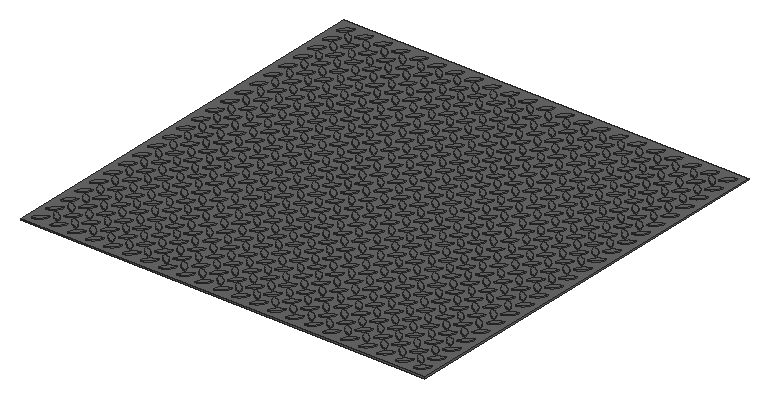
Revit family "141012021113804", category Modelos genéricos, Revit 2018 (continued)
Automatic sketch dimensions
  Blend 166 sketch curve to Blend 166 sketch curve = 0.855 mm  (x2)
  Blend 166 sketch curve to Blend 166 sketch curve = 0.00 mm  (x6)
  Blend 167 sketch curve to Blend 167 sketch curve = 23.647 mm  (x6)
  Blend 167 sketch curve to Blend 167 sketch curve = 16.459 mm  (x6)
  Blend 167 sketch curve to Blend 167 sketch curve = 0.855 mm  (x2)
  Blend 167 sketch curve to Blend 167 sketch curve = 0.00 mm  (x6)
  Blend 168 sketch curve to Blend 168 sketch curve = 23.647 mm  (x6)
  Blend 168 sketch curve to Blend 168 sketch curve = 16.459 mm  (x6)
  Blend 168 sketch curve to Blend 168 sketch curve = 0.855 mm  (x2)
  Blend 168 sketch curve to Blend 168 sketch curve = 0.00 mm  (x6)
  Blend 169 sketch curve to Blend 169 sketch curve = 23.647 mm  (x6)
  Blend 169 sketch curve to Blend 169 sketch curve = 16.459 mm  (x6)
  Blend 169 sketch curve to Blend 169 sketch curve = 0.855 mm  (x2)
  Blend 169 sketch curve to Blend 169 sketch curve = 0.00 mm  (x6)
  Blend 170 sketch curve to Blend 170 sketch curve = 23.647 mm  (x6)
  Blend 170 sketch curve to Blend 170 sketch curve = 16.459 mm  (x6)
  Blend 170 sketch curve to Blend 170 sketch curve = 0.855 mm  (x2)
  Blend 170 sketch curve to Blend 170 sketch curve = 0.00 mm  (x6)
  Blend 171 sketch curve to Blend 171 sketch curve = 23.647 mm  (x6)
  Blend 171 sketch curve to Blend 171 sketch curve = 16.459 mm  (x6)
  Blend 171 sketch curve to Blend 171 sketch curve = 0.855 mm  (x2)
  Blend 171 sketch curve to Blend 171 sketch curve = 0.00 mm  (x6)
  Blend 172 sketch curve to Blend 172 sketch curve = 23.647 mm  (x6)
  Blend 172 sketch curve to Blend 172 sketch curve = 16.459 mm  (x6)
  Blend 172 sketch curve to Blend 172 sketch curve = 0.855 mm  (x2)
  Blend 172 sketch curve to Blend 172 sketch curve = 0.00 mm  (x6)
  Blend 173 sketch curve to Blend 173 sketch curve = 23.647 mm  (x6)
  Blend 173 sketch curve to Blend 173 sketch curve = 16.459 mm  (x6)
  Blend 173 sketch curve to Blend 173 sketch curve = 0.855 mm  (x2)
  Blend 173 sketch curve to Blend 173 sketch curve = 0.00 mm  (x6)
  Blend 174 sketch curve to Blend 174 sketch curve = 23.647 mm  (x6)
  Blend 174 sketch curve to Blend 174 sketch curve = 16.459 mm  (x6)
  Blend 174 sketch curve to Blend 174 sketch curve = 0.855 mm  (x2)
  Blend 174 sketch curve to Blend 174 sketch curve = 0.00 mm  (x6)
  Blend 175 sketch curve to Blend 175 sketch curve = 23.647 mm  (x6)
  Blend 175 sketch curve to Blend 175 sketch curve = 16.459 mm  (x6)
  Blend 175 sketch curve to Blend 175 sketch curve = 0.855 mm  (x2)
  Blend 175 sketch curve to Blend 175 sketch curve = 0.00 mm  (x6)
  Blend 176 sketch curve to Blend 176 sketch curve = 23.647 mm  (x6)
  Blend 176 sketch curve to Blend 176 sketch curve = 16.459 mm  (x6)
  Blend 176 sketch curve to Blend 176 sketch curve = 0.855 mm  (x2)
  Blend 176 sketch curve to Blend 176 sketch curve = 0.00 mm  (x6)
  Blend 177 sketch curve to Blend 177 sketch curve = 23.647 mm  (x6)
  Blend 177 sketch curve to Blend 177 sketch curve = 16.459 mm  (x6)
  Blend 177 sketch curve to Blend 177 sketch curve = 0.855 mm  (x2)
  Blend 177 sketch curve to Blend 177 sketch curve = 0.00 mm  (x6)
  Blend 178 sketch curve to Blend 178 sketch curve = 23.647 mm  (x6)
  Blend 178 sketch curve to Blend 178 sketch curve = 16.459 mm  (x6)
  Blend 178 sketch curve to Blend 178 sketch curve = 0.855 mm  (x2)
  Blend 178 sketch curve to Blend 178 sketch curve = 0.00 mm  (x6)
  Blend 179 sketch curve to Blend 179 sketch curve = 23.647 mm  (x6)
  Blend 179 sketch curve to Blend 179 sketch curve = 16.459 mm  (x6)
  Blend 179 sketch curve to Blend 179 sketch curve = 0.855 mm  (x2)
  Blend 179 sketch curve to Blend 179 sketch curve = 0.00 mm  (x6)
  Blend 180 sketch curve to Blend 180 sketch curve = 23.647 mm  (x6)
  Blend 180 sketch curve to Blend 180 sketch curve = 16.459 mm  (x6)
  Blend 180 sketch curve to Blend 180 sketch curve = 0.855 mm  (x2)
  Blend 180 sketch curve to Blend 180 sketch curve = 0.00 mm  (x6)
  Blend 181 sketch curve to Blend 181 sketch curve = 23.647 mm  (x6)
  Blend 181 sketch curve to Blend 181 sketch curve = 16.459 mm  (x6)
  Blend 181 sketch curve to Blend 181 sketch curve = 0.855 mm  (x2)
  Blend 181 sketch curve to Blend 181 sketch curve = 0.00 mm  (x6)
  Blend 182 sketch curve to Blend 182 sketch curve = 23.647 mm  (x6)
  Blend 182 sketch curve to Blend 182 sketch curve = 16.459 mm  (x6)
  Blend 182 sketch curve to Blend 182 sketch curve = 0.855 mm  (x2)
  Blend 182 sketch curve to Blend 182 sketch curve = 0.00 mm  (x6)
  Blend 183 sketch curve to Blend 183 sketch curve = 23.647 mm  (x6)
  Blend 183 sketch curve to Blend 183 sketch curve = 16.459 mm  (x6)
  Blend 183 sketch curve to Blend 183 sketch curve = 0.855 mm  (x2)
  Blend 183 sketch curve to Blend 183 sketch curve = 0.00 mm  (x6)
  Blend 184 sketch curve to Blend 184 sketch curve = 23.647 mm  (x6)
  Blend 184 sketch curve to Blend 184 sketch curve = 16.459 mm  (x6)
  Blend 184 sketch curve to Blend 184 sketch curve = 0.855 mm  (x2)
  Blend 184 sketch curve to Blend 184 sketch curve = 0.00 mm  (x6)
  Blend 185 sketch curve to Blend 185 sketch curve = 23.647 mm  (x6)
  Blend 185 sketch curve to Blend 185 sketch curve = 16.459 mm  (x6)
  Blend 185 sketch curve to Blend 185 sketch curve = 0.855 mm  (x2)
  Blend 185 sketch curve to Blend 185 sketch curve = 0.00 mm  (x6)
  Blend 186 sketch curve to Blend 186 sketch curve = 23.647 mm  (x6)
  Blend 186 sketch curve to Blend 186 sketch curve = 16.459 mm  (x6)
  Blend 186 sketch curve to Blend 186 sketch curve = 0.855 mm  (x2)
  Blend 186 sketch curve to Blend 186 sketch curve = 0.00 mm  (x6)
  Blend 187 sketch curve to Blend 187 sketch curve = 23.647 mm  (x6)
  Blend 187 sketch curve to Blend 187 sketch curve = 16.459 mm  (x6)
  Blend 187 sketch curve to Blend 187 sketch curve = 0.855 mm  (x2)
  Blend 187 sketch curve to Blend 187 sketch curve = 0.00 mm  (x6)
  Blend 188 sketch curve to Blend 188 sketch curve = 23.647 mm  (x6)
  Blend 188 sketch curve to Blend 188 sketch curve = 16.459 mm  (x6)
  Blend 188 sketch curve to Blend 188 sketch curve = 0.855 mm  (x2)
  Blend 188 sketch curve to Blend 188 sketch curve = 0.00 mm  (x6)
  Blend 189 sketch curve to Blend 189 sketch curve = 23.647 mm  (x6)
  Blend 189 sketch curve to Blend 189 sketch curve = 16.459 mm  (x6)
  Blend 189 sketch curve to Blend 189 sketch curve = 0.855 mm  (x2)
  Blend 189 sketch curve to Blend 189 sketch curve = 0.00 mm  (x6)
  Blend 190 sketch curve to Blend 190 sketch curve = 23.647 mm  (x6)
  Blend 190 sketch curve to Blend 190 sketch curve = 16.459 mm  (x6)
  Blend 190 sketch curve to Blend 190 sketch curve = 0.855 mm  (x2)
  Blend 190 sketch curve to Blend 190 sketch curve = 0.00 mm  (x6)
  Blend 191 sketch curve to Blend 191 sketch curve = 23.647 mm  (x6)
  Blend 191 sketch curve to Blend 191 sketch curve = 16.459 mm  (x6)
  Blend 191 sketch curve to Blend 191 sketch curve = 0.855 mm  (x2)
  Blend 191 sketch curve to Blend 191 sketch curve = 0.00 mm  (x6)
  Blend 192 sketch curve to Blend 192 sketch curve = 23.647 mm  (x6)
  Blend 192 sketch curve to Blend 192 sketch curve = 16.459 mm  (x6)
  Blend 192 sketch curve to Blend 192 sketch curve = 0.855 mm  (x2)
  Blend 192 sketch curve to Blend 192 sketch curve = 0.00 mm  (x6)
  Blend 193 sketch curve to Blend 193 sketch curve = 23.647 mm  (x6)
  Blend 193 sketch curve to Blend 193 sketch curve = 16.459 mm  (x6)
  Blend 193 sketch curve to Blend 193 sketch curve = 0.855 mm  (x2)
  Blend 193 sketch curve to Blend 193 sketch curve = 0.00 mm  (x6)
  Blend 194 sketch curve to Blend 194 sketch curve = 23.647 mm  (x6)
  Blend 194 sketch curve to Blend 194 sketch curve = 16.459 mm  (x6)
  Blend 194 sketch curve to Blend 194 sketch curve = 0.855 mm  (x2)
  Blend 194 sketch curve to Blend 194 sketch curve = 0.00 mm  (x6)
  Blend 195 sketch curve to Blend 195 sketch curve = 23.647 mm  (x6)
  Blend 195 sketch curve to Blend 195 sketch curve = 16.459 mm  (x6)
  Blend 195 sketch curve to Blend 195 sketch curve = 0.855 mm  (x2)
  Blend 195 sketch curve to Blend 195 sketch curve = 0.00 mm  (x6)
  Blend 196 sketch curve to Blend 196 sketch curve = 23.647 mm  (x6)
  Blend 196 sketch curve to Blend 196 sketch curve = 16.459 mm  (x6)
  Blend 196 sketch curve to Blend 196 sketch curve = 0.855 mm  (x2)
  Blend 196 sketch curve to Blend 196 sketch curve = 0.00 mm  (x6)
  Blend 197 sketch curve to Blend 197 sketch curve = 23.647 mm  (x6)
  Blend 197 sketch curve to Blend 197 sketch curve = 16.459 mm  (x6)
  Blend 197 sketch curve to Blend 197 sketch curve = 0.855 mm  (x2)
  Blend 197 sketch curve to Blend 197 sketch curve = 0.00 mm  (x6)
  Blend 198 sketch curve to Blend 198 sketch curve = 23.647 mm  (x6)
  Blend 198 sketch curve to Blend 198 sketch curve = 16.459 mm  (x6)
  Blend 198 sketch curve to Blend 198 sketch curve = 0.855 mm  (x2)
  Blend 198 sketch curve to Blend 198 sketch curve = 0.00 mm  (x6)
  Blend 199 sketch curve to Blend 199 sketch curve = 23.647 mm  (x6)
  Blend 199 sketch curve to Blend 199 sketch curve = 16.459 mm  (x6)
  Blend 199 sketch curve to Blend 199 sketch curve = 0.855 mm  (x2)
  Blend 199 sketch curve to Blend 199 sketch curve = 0.00 mm  (x6)
  Blend 200 sketch curve to Blend 200 sketch curve = 23.647 mm  (x6)
  Blend 200 sketch curve to Blend 200 sketch curve = 16.459 mm  (x6)
  Blend 200 sketch curve to Blend 200 sketch curve = 0.855 mm  (x2)
  Blend 200 sketch curve to Blend 200 sketch curve = 0.00 mm  (x6)
  Blend 201 sketch curve to Blend 201 sketch curve = 23.647 mm  (x6)
  Blend 201 sketch curve to Blend 201 sketch curve = 16.459 mm  (x6)
  Blend 201 sketch curve to Blend 201 sketch curve = 0.855 mm  (x2)
  Blend 201 sketch curve to Blend 201 sketch curve = 0.00 mm  (x6)
  Blend 202 sketch curve to Blend 202 sketch curve = 23.647 mm  (x6)
  Blend 202 sketch curve to Blend 202 sketch curve = 16.459 mm  (x6)
  Blend 202 sketch curve to Blend 202 sketch curve = 0.855 mm  (x2)
  Blend 202 sketch curve to Blend 202 sketch curve = 0.00 mm  (x6)
  Blend 203 sketch curve to Blend 203 sketch curve = 23.647 mm  (x6)
  Blend 203 sketch curve to Blend 203 sketch curve = 16.459 mm  (x6)
  Blend 203 sketch curve to Blend 203 sketch curve = 0.855 mm  (x2)
  Blend 203 sketch curve to Blend 203 sketch curve = 0.00 mm  (x6)
  Blend 204 sketch curve to Blend 204 sketch curve = 23.647 mm  (x6)
  Blend 204 sketch curve to Blend 204 sketch curve = 16.459 mm  (x6)
  Blend 204 sketch curve to Blend 204 sketch curve = 0.855 mm  (x2)
  Blend 204 sketch curve to Blend 204 sketch curve = 0.00 mm  (x6)
  Blend 205 sketch curve to Blend 205 sketch curve = 23.647 mm  (x6)
  Blend 205 sketch curve to Blend 205 sketch curve = 16.459 mm  (x6)
  Blend 205 sketch curve to Blend 205 sketch curve = 0.855 mm  (x2)
  Blend 205 sketch curve to Blend 205 sketch curve = 0.00 mm  (x6)
  Blend 206 sketch curve to Blend 206 sketch curve = 23.647 mm  (x6)
  Blend 206 sketch curve to Blend 206 sketch curve = 16.459 mm  (x6)
  Blend 206 sketch curve to Blend 206 sketch curve = 0.855 mm  (x2)
  Blend 206 sketch curve to Blend 206 sketch curve = 0.00 mm  (x6)
  Blend 207 sketch curve to Blend 207 sketch curve = 23.647 mm  (x6)
  Blend 207 sketch curve to Blend 207 sketch curve = 16.459 mm  (x6)
  Blend 207 sketch curve to Blend 207 sketch curve = 0.855 mm  (x2)
  Blend 207 sketch curve to Blend 207 sketch curve = 0.00 mm  (x6)
  Blend 208 sketch curve to Blend 208 sketch curve = 23.647 mm  (x6)
  Blend 208 sketch curve to Blend 208 sketch curve = 16.459 mm  (x6)
  Blend 208 sketch curve to Blend 208 sketch curve = 0.855 mm  (x2)
  Blend 208 sketch curve to Blend 208 sketch curve = 0.00 mm  (x6)
  Blend 209 sketch curve to Blend 209 sketch curve = 23.647 mm  (x6)
  Blend 209 sketch curve to Blend 209 sketch curve = 16.459 mm  (x6)
  Blend 209 sketch curve to Blend 209 sketch curve = 0.855 mm  (x2)
  Blend 209 sketch curve to Blend 209 sketch curve = 0.00 mm  (x6)
  Blend 210 sketch curve to Blend 210 sketch curve = 23.647 mm  (x6)
  Blend 210 sketch curve to Blend 210 sketch curve = 16.459 mm  (x6)
  Blend 210 sketch curve to Blend 210 sketch curve = 0.855 mm  (x2)
  Blend 210 sketch curve to Blend 210 sketch curve = 0.00 mm  (x6)
  Blend 211 sketch curve to Blend 211 sketch curve = 23.647 mm  (x6)
  Blend 211 sketch curve to Blend 211 sketch curve = 16.459 mm  (x6)
  Blend 211 sketch curve to Blend 211 sketch curve = 0.855 mm  (x2)
  Blend 211 sketch curve to Blend 211 sketch curve = 0.00 mm  (x6)
  Blend 212 sketch curve to Blend 212 sketch curve = 23.647 mm  (x6)
  Blend 212 sketch curve to Blend 212 sketch curve = 16.459 mm  (x6)
  Blend 212 sketch curve to Blend 212 sketch curve = 0.855 mm  (x2)
  Blend 212 sketch curve to Blend 212 sketch curve = 0.00 mm  (x6)
  Blend 213 sketch curve to Blend 213 sketch curve = 23.647 mm  (x6)
  Blend 213 sketch curve to Blend 213 sketch curve = 16.459 mm  (x6)
  Blend 213 sketch curve to Blend 213 sketch curve = 0.855 mm  (x2)
  Blend 213 sketch curve to Blend 213 sketch curve = 0.00 mm  (x6)
  Blend 214 sketch curve to Blend 214 sketch curve = 23.647 mm  (x6)
  Blend 214 sketch curve to Blend 214 sketch curve = 16.459 mm  (x6)
  Blend 214 sketch curve to Blend 214 sketch curve = 0.855 mm  (x2)
  Blend 214 sketch curve to Blend 214 sketch curve = 0.00 mm  (x6)
  Blend 215 sketch curve to Blend 215 sketch curve = 23.647 mm  (x6)
  Blend 215 sketch curve to Blend 215 sketch curve = 16.459 mm  (x6)
  Blend 215 sketch curve to Blend 215 sketch curve = 0.855 mm  (x2)
  Blend 215 sketch curve to Blend 215 sketch curve = 0.00 mm  (x6)
  Blend 216 sketch curve to Blend 216 sketch curve = 23.647 mm  (x6)
  Blend 216 sketch curve to Blend 216 sketch curve = 16.459 mm  (x6)
  Blend 216 sketch curve to Blend 216 sketch curve = 0.855 mm  (x2)
  Blend 216 sketch curve to Blend 216 sketch curve = 0.00 mm  (x6)
  Blend 217 sketch curve to Blend 217 sketch curve = 23.647 mm  (x6)
  Blend 217 sketch curve to Blend 217 sketch curve = 16.459 mm  (x6)
  Blend 217 sketch curve to Blend 217 sketch curve = 0.855 mm  (x2)
  Blend 217 sketch curve to Blend 217 sketch curve = 0.00 mm  (x6)
  Blend 218 sketch curve to Blend 218 sketch curve = 23.647 mm  (x6)
  Blend 218 sketch curve to Blend 218 sketch curve = 16.459 mm  (x6)
  Blend 218 sketch curve to Blend 218 sketch curve = 0.855 mm  (x2)
  Blend 218 sketch curve to Blend 218 sketch curve = 0.00 mm  (x6)
  Blend 219 sketch curve to Blend 219 sketch curve = 23.647 mm  (x6)
  Blend 219 sketch curve to Blend 219 sketch curve = 16.459 mm  (x6)
  Blend 219 sketch curve to Blend 219 sketch curve = 0.855 mm  (x2)
  Blend 219 sketch curve to Blend 219 sketch curve = 0.00 mm  (x6)
  Blend 220 sketch curve to Blend 220 sketch curve = 23.647 mm  (x6)
  Blend 220 sketch curve to Blend 220 sketch curve = 16.459 mm  (x6)
  Blend 220 sketch curve to Blend 220 sketch curve = 0.855 mm  (x2)
  Blend 220 sketch curve to Blend 220 sketch curve = 0.00 mm  (x6)
  Blend 221 sketch curve to Blend 221 sketch curve = 23.647 mm  (x6)
  Blend 221 sketch curve to Blend 221 sketch curve = 16.459 mm  (x6)
  Blend 221 sketch curve to Blend 221 sketch curve = 0.855 mm  (x2)
  Blend 221 sketch curve to Blend 221 sketch curve = 0.00 mm  (x6)
  Blend 222 sketch curve to Blend 222 sketch curve = 23.647 mm  (x6)
  Blend 222 sketch curve to Blend 222 sketch curve = 16.459 mm  (x6)
  Blend 222 sketch curve to Blend 222 sketch curve = 0.855 mm  (x2)
  Blend 222 sketch curve to Blend 222 sketch curve = 0.00 mm  (x6)
  Blend 223 sketch curve to Blend 223 sketch curve = 23.647 mm  (x6)
  Blend 223 sketch curve to Blend 223 sketch curve = 16.459 mm  (x6)
  Blend 223 sketch curve to Blend 223 sketch curve = 0.855 mm  (x2)
  Blend 223 sketch curve to Blend 223 sketch curve = 0.00 mm  (x6)
  Blend 224 sketch curve to Blend 224 sketch curve = 23.647 mm  (x6)
  Blend 224 sketch curve to Blend 224 sketch curve = 16.459 mm  (x6)
  Blend 224 sketch curve to Blend 224 sketch curve = 0.855 mm  (x2)
  Blend 224 sketch curve to Blend 224 sketch curve = 0.00 mm  (x6)
  Blend 225 sketch curve to Blend 225 sketch curve = 23.647 mm  (x6)
  Blend 225 sketch curve to Blend 225 sketch curve = 16.459 mm  (x6)
  Blend 225 sketch curve to Blend 225 sketch curve = 0.855 mm  (x2)
  Blend 225 sketch curve to Blend 225 sketch curve = 0.00 mm  (x6)
  Blend 226 sketch curve to Blend 226 sketch curve = 23.647 mm  (x6)
  Blend 226 sketch curve to Blend 226 sketch curve = 16.459 mm  (x6)
  Blend 226 sketch curve to Blend 226 sketch curve = 0.855 mm  (x2)
  Blend 226 sketch curve to Blend 226 sketch curve = 0.00 mm  (x6)
  Blend 227 sketch curve to Blend 227 sketch curve = 23.647 mm  (x6)
  Blend 227 sketch curve to Blend 227 sketch curve = 16.459 mm  (x6)
  Blend 227 sketch curve to Blend 227 sketch curve = 0.855 mm  (x2)
  Blend 227 sketch curve to Blend 227 sketch curve = 0.00 mm  (x6)
  Blend 228 sketch curve to Blend 228 sketch curve = 23.647 mm  (x6)
  Blend 228 sketch curve to Blend 228 sketch curve = 16.459 mm  (x6)
  Blend 228 sketch curve to Blend 228 sketch curve = 0.855 mm  (x2)
  Blend 228 sketch curve to Blend 228 sketch curve = 0.00 mm  (x6)
  Blend 229 sketch curve to Blend 229 sketch curve = 23.647 mm  (x6)
  Blend 229 sketch curve to Blend 229 sketch curve = 16.459 mm  (x6)
  Blend 229 sketch curve to Blend 229 sketch curve = 0.855 mm  (x2)
  Blend 229 sketch curve to Blend 229 sketch curve = 0.00 mm  (x6)
  Blend 230 sketch curve to Blend 230 sketch curve = 23.647 mm  (x6)
  Blend 230 sketch curve to Blend 230 sketch curve = 16.459 mm  (x6)
  Blend 230 sketch curve to Blend 230 sketch curve = 0.855 mm  (x2)
  Blend 230 sketch curve to Blend 230 sketch curve = 0.00 mm  (x6)
  Blend 231 sketch curve to Blend 231 sketch curve = 23.647 mm  (x6)
  Blend 231 sketch curve to Blend 231 sketch curve = 16.459 mm  (x6)
  Blend 231 sketch curve to Blend 231 sketch curve = 0.855 mm  (x2)
  Blend 231 sketch curve to Blend 231 sketch curve = 0.00 mm  (x6)
  Blend 232 sketch curve to Blend 232 sketch curve = 23.647 mm  (x6)
  Blend 232 sketch curve to Blend 232 sketch curve = 16.459 mm  (x6)
  Blend 232 sketch curve to Blend 232 sketch curve = 0.855 mm  (x2)
  Blend 232 sketch curve to Blend 232 sketch curve = 0.00 mm  (x6)
  Blend 233 sketch curve to Blend 233 sketch curve = 23.647 mm  (x6)
  Blend 233 sketch curve to Blend 233 sketch curve = 16.459 mm  (x6)
  Blend 233 sketch curve to Blend 233 sketch curve = 0.855 mm  (x2)
  Blend 233 sketch curve to Blend 233 sketch curve = 0.00 mm  (x6)
  Blend 234 sketch curve to Blend 234 sketch curve = 23.647 mm  (x6)
  Blend 234 sketch curve to Blend 234 sketch curve = 16.459 mm  (x6)
  Blend 234 sketch curve to Blend 234 sketch curve = 0.855 mm  (x2)
  Blend 234 sketch curve to Blend 234 sketch curve = 0.00 mm  (x6)
  Blend 235 sketch curve to Blend 235 sketch curve = 23.647 mm  (x6)
  Blend 235 sketch curve to Blend 235 sketch curve = 16.459 mm  (x6)
  Blend 235 sketch curve to Blend 235 sketch curve = 0.855 mm  (x2)
  Blend 235 sketch curve to Blend 235 sketch curve = 0.00 mm  (x6)
  Blend 236 sketch curve to Blend 236 sketch curve = 23.647 mm  (x6)
  Blend 236 sketch curve to Blend 236 sketch curve = 16.459 mm  (x6)
  Blend 236 sketch curve to Blend 236 sketch curve = 0.855 mm  (x2)
  Blend 236 sketch curve to Blend 236 sketch curve = 0.00 mm  (x6)
  Blend 237 sketch curve to Blend 237 sketch curve = 23.647 mm  (x6)
  Blend 237 sketch curve to Blend 237 sketch curve = 16.459 mm  (x6)
  Blend 237 sketch curve to Blend 237 sketch curve = 0.855 mm  (x2)
  Blend 237 sketch curve to Blend 237 sketch curve = 0.00 mm  (x6)
  Blend 238 sketch curve to Blend 238 sketch curve = 23.647 mm  (x6)
  Blend 238 sketch curve to Blend 238 sketch curve = 16.459 mm  (x6)
  Blend 238 sketch curve to Blend 238 sketch curve = 0.855 mm  (x2)
  Blend 238 sketch curve to Blend 238 sketch curve = 0.00 mm  (x6)
  Blend 239 sketch curve to Blend 239 sketch curve = 23.647 mm  (x6)
  Blend 239 sketch curve to Blend 239 sketch curve = 16.459 mm  (x6)
  Blend 239 sketch curve to Blend 239 sketch curve = 0.855 mm  (x2)
  Blend 239 sketch curve to Blend 239 sketch curve = 0.00 mm  (x6)
  Blend 240 sketch curve to Blend 240 sketch curve = 23.647 mm  (x6)
  Blend 240 sketch curve to Blend 240 sketch curve = 16.459 mm  (x6)
  Blend 240 sketch curve to Blend 240 sketch curve = 0.855 mm  (x2)
  Blend 240 sketch curve to Blend 240 sketch curve = 0.00 mm  (x6)
  Blend 241 sketch curve to Blend 241 sketch curve = 23.647 mm  (x6)
  Blend 241 sketch curve to Blend 241 sketch curve = 16.459 mm  (x6)
  Blend 241 sketch curve to Blend 241 sketch curve = 0.855 mm  (x2)
  Blend 241 sketch curve to Blend 241 sketch curve = 0.00 mm  (x6)
  Blend 242 sketch curve to Blend 242 sketch curve = 23.647 mm  (x6)
  Blend 242 sketch curve to Blend 242 sketch curve = 16.459 mm  (x6)
  Blend 242 sketch curve to Blend 242 sketch curve = 0.855 mm  (x2)
  Blend 242 sketch curve to Blend 242 sketch curve = 0.00 mm  (x6)
  Blend 243 sketch curve to Blend 243 sketch curve = 23.647 mm  (x6)
  Blend 243 sketch curve to Blend 243 sketch curve = 16.459 mm  (x6)
  Blend 243 sketch curve to Blend 243 sketch curve = 0.855 mm  (x2)
  Blend 243 sketch curve to Blend 243 sketch curve = 0.00 mm  (x6)
  Blend 244 sketch curve to Blend 244 sketch curve = 23.647 mm  (x6)
  Blend 244 sketch curve to Blend 244 sketch curve = 16.459 mm  (x6)
  Blend 244 sketch curve to Blend 244 sketch curve = 0.855 mm  (x2)
  Blend 244 sketch curve to Blend 244 sketch curve = 0.00 mm  (x6)
  Blend 245 sketch curve to Blend 245 sketch curve = 23.647 mm  (x6)
  Blend 245 sketch curve to Blend 245 sketch curve = 16.459 mm  (x6)
  Blend 245 sketch curve to Blend 245 sketch curve = 0.855 mm  (x2)
  Blend 245 sketch curve to Blend 245 sketch curve = 0.00 mm  (x6)
  Blend 246 sketch curve to Blend 246 sketch curve = 23.647 mm  (x6)
  Blend 246 sketch curve to Blend 246 sketch curve = 16.459 mm  (x6)
  Blend 246 sketch curve to Blend 246 sketch curve = 0.855 mm  (x2)
  Blend 246 sketch curve to Blend 246 sketch curve = 0.00 mm  (x6)
  Blend 247 sketch curve to Blend 247 sketch curve = 23.647 mm  (x6)
  Blend 247 sketch curve to Blend 247 sketch curve = 16.459 mm  (x6)
  Blend 247 sketch curve to Blend 247 sketch curve = 0.855 mm  (x2)
  Blend 247 sketch curve to Blend 247 sketch curve = 0.00 mm  (x6)
  Blend 248 sketch curve to Blend 248 sketch curve = 23.647 mm  (x6)
  Blend 248 sketch curve to Blend 248 sketch curve = 16.459 mm  (x6)
  Blend 248 sketch curve to Blend 248 sketch curve = 0.855 mm  (x2)
  Blend 248 sketch curve to Blend 248 sketch curve = 0.00 mm  (x6)
  Blend 249 sketch curve to Blend 249 sketch curve = 23.647 mm  (x6)
  Blend 249 sketch curve to Blend 249 sketch curve = 16.459 mm  (x6)
  Blend 249 sketch curve to Blend 249 sketch curve = 0.855 mm  (x2)
  Blend 249 sketch curve to Blend 249 sketch curve = 0.00 mm  (x6)
  Blend 250 sketch curve to Blend 250 sketch curve = 23.647 mm  (x6)
  Blend 250 sketch curve to Blend 250 sketch curve = 16.459 mm  (x6)
  Blend 250 sketch curve to Blend 250 sketch curve = 0.855 mm  (x2)
  Blend 250 sketch curve to Blend 250 sketch curve = 0.00 mm  (x6)
  Blend 251 sketch curve to Blend 251 sketch curve = 23.647 mm  (x6)
  Blend 251 sketch curve to Blend 251 sketch curve = 16.459 mm  (x6)
  Blend 251 sketch curve to Blend 251 sketch curve = 0.855 mm  (x2)
  Blend 251 sketch curve to Blend 251 sketch curve = 0.00 mm  (x6)
  Blend 252 sketch curve to Blend 252 sketch curve = 23.647 mm  (x6)
  Blend 252 sketch curve to Blend 252 sketch curve = 16.459 mm  (x6)
  Blend 252 sketch curve to Blend 252 sketch curve = 0.855 mm  (x2)
  Blend 252 sketch curve to Blend 252 sketch curve = 0.00 mm  (x6)
  Blend 253 sketch curve to Blend 253 sketch curve = 23.647 mm  (x6)
  Blend 253 sketch curve to Blend 253 sketch curve = 16.459 mm  (x6)
  Blend 253 sketch curve to Blend 253 sketch curve = 0.855 mm  (x2)
  Blend 253 sketch curve to Blend 253 sketch curve = 0.00 mm  (x6)
  Blend 254 sketch curve to Blend 254 sketch curve = 23.647 mm  (x6)
  Blend 254 sketch curve to Blend 254 sketch curve = 16.459 mm  (x6)
  Blend 254 sketch curve to Blend 254 sketch curve = 0.855 mm  (x2)
  Blend 254 sketch curve to Blend 254 sketch curve = 0.00 mm  (x6)
  Blend 255 sketch curve to Blend 255 sketch curve = 23.647 mm  (x6)
  Blend 255 sketch curve to Blend 255 sketch curve = 16.459 mm  (x6)
  Blend 255 sketch curve to Blend 255 sketch curve = 0.855 mm  (x2)
  Blend 255 sketch curve to Blend 255 sketch curve = 0.00 mm  (x6)
  Blend 256 sketch curve to Blend 256 sketch curve = 23.647 mm  (x6)
  Blend 256 sketch curve to Blend 256 sketch curve = 16.459 mm  (x6)
  Blend 256 sketch curve to Blend 256 sketch curve = 0.855 mm  (x2)
  Blend 256 sketch curve to Blend 256 sketch curve = 0.00 mm  (x6)
  Blend 257 sketch curve to Blend 257 sketch curve = 23.647 mm  (x6)
  Blend 257 sketch curve to Blend 257 sketch curve = 16.459 mm  (x6)
  Blend 257 sketch curve to Blend 257 sketch curve = 0.855 mm  (x2)
  Blend 257 sketch curve to Blend 257 sketch curve = 0.00 mm  (x6)
  Blend 258 sketch curve to Blend 258 sketch curve = 23.647 mm  (x6)
  Blend 258 sketch curve to Blend 258 sketch curve = 16.459 mm  (x6)
  Blend 258 sketch curve to Blend 258 sketch curve = 0.855 mm  (x2)
  Blend 258 sketch curve to Blend 258 sketch curve = 0.00 mm  (x6)
  Blend 259 sketch curve to Blend 259 sketch curve = 23.647 mm  (x6)
  Blend 259 sketch curve to Blend 259 sketch curve = 16.459 mm  (x6)
  Blend 259 sketch curve to Blend 259 sketch curve = 0.855 mm  (x2)
  Blend 259 sketch curve to Blend 259 sketch curve = 0.00 mm  (x6)
  Blend 260 sketch curve to Blend 260 sketch curve = 23.647 mm  (x6)
  Blend 260 sketch curve to Blend 260 sketch curve = 16.459 mm  (x6)
  Blend 260 sketch curve to Blend 260 sketch curve = 0.855 mm  (x2)
  Blend 260 sketch curve to Blend 260 sketch curve = 0.00 mm  (x6)
  Blend 261 sketch curve to Blend 261 sketch curve = 23.647 mm  (x6)
  Blend 261 sketch curve to Blend 261 sketch curve = 16.459 mm  (x6)
  Blend 261 sketch curve to Blend 261 sketch curve = 0.855 mm  (x2)
  Blend 261 sketch curve to Blend 261 sketch curve = 0.00 mm  (x6)
  Blend 262 sketch curve to Blend 262 sketch curve = 23.647 mm  (x6)
  Blend 262 sketch curve to Blend 262 sketch curve = 16.459 mm  (x6)
  Blend 262 sketch curve to Blend 262 sketch curve = 0.855 mm  (x2)
  Blend 262 sketch curve to Blend 262 sketch curve = 0.00 mm  (x6)
  Blend 263 sketch curve to Blend 263 sketch curve = 23.647 mm  (x6)
  Blend 263 sketch curve to Blend 263 sketch curve = 16.459 mm  (x6)
  Blend 263 sketch curve to Blend 263 sketch curve = 0.855 mm  (x2)
  Blend 263 sketch curve to Blend 263 sketch curve = 0.00 mm  (x6)
  Blend 264 sketch curve to Blend 264 sketch curve = 23.647 mm  (x6)
  Blend 264 sketch curve to Blend 264 sketch curve = 16.459 mm  (x6)
  Blend 264 sketch curve to Blend 264 sketch curve = 0.855 mm  (x2)
  Blend 264 sketch curve to Blend 264 sketch curve = 0.00 mm  (x6)
  Blend 265 sketch curve to Blend 265 sketch curve = 23.647 mm  (x6)
  Blend 265 sketch curve to Blend 265 sketch curve = 16.459 mm  (x6)
  Blend 265 sketch curve to Blend 265 sketch curve = 0.855 mm  (x2)
  Blend 265 sketch curve to Blend 265 sketch curve = 0.00 mm  (x6)
  Blend 266 sketch curve to Blend 266 sketch curve = 23.647 mm  (x6)
  Blend 266 sketch curve to Blend 266 sketch curve = 16.459 mm  (x6)
  Blend 266 sketch curve to Blend 266 sketch curve = 0.855 mm  (x2)
  Blend 266 sketch curve to Blend 266 sketch curve = 0.00 mm  (x6)
  Blend 267 sketch curve to Blend 267 sketch curve = 23.647 mm  (x6)
  Blend 267 sketch curve to Blend 267 sketch curve = 16.459 mm  (x6)
  Blend 267 sketch curve to Blend 267 sketch curve = 0.855 mm  (x2)
  Blend 267 sketch curve to Blend 267 sketch curve = 0.00 mm  (x6)
  Blend 268 sketch curve to Blend 268 sketch curve = 23.647 mm  (x6)
  Blend 268 sketch curve to Blend 268 sketch curve = 16.459 mm  (x6)
  Blend 268 sketch curve to Blend 268 sketch curve = 0.855 mm  (x2)
  Blend 268 sketch curve to Blend 268 sketch curve = 0.00 mm  (x6)
  Blend 269 sketch curve to Blend 269 sketch curve = 23.647 mm  (x6)
  Blend 269 sketch curve to Blend 269 sketch curve = 16.459 mm  (x6)
  Blend 269 sketch curve to Blend 269 sketch curve = 0.855 mm  (x2)
  Blend 269 sketch curve to Blend 269 sketch curve = 0.00 mm  (x6)
  Blend 270 sketch curve to Blend 270 sketch curve = 23.647 mm  (x6)
  Blend 270 sketch curve to Blend 270 sketch curve = 16.459 mm  (x6)
  Blend 270 sketch curve to Blend 270 sketch curve = 0.855 mm  (x2)
  Blend 270 sketch curve to Blend 270 sketch curve = 0.00 mm  (x6)
  Blend 271 sketch curve to Blend 271 sketch curve = 23.647 mm  (x6)
  Blend 271 sketch curve to Blend 271 sketch curve = 16.459 mm  (x6)
  Blend 271 sketch curve to Blend 271 sketch curve = 0.855 mm  (x2)
  Blend 271 sketch curve to Blend 271 sketch curve = 0.00 mm  (x6)
  Blend 272 sketch curve to Blend 272 sketch curve = 23.647 mm  (x6)
  Blend 272 sketch curve to Blend 272 sketch curve = 16.459 mm  (x6)
  Blend 272 sketch curve to Blend 272 sketch curve = 0.855 mm  (x2)
  Blend 272 sketch curve to Blend 272 sketch curve = 0.00 mm  (x6)
  Blend 273 sketch curve to Blend 273 sketch curve = 23.647 mm  (x6)
  Blend 273 sketch curve to Blend 273 sketch curve = 16.459 mm  (x6)
  Blend 273 sketch curve to Blend 273 sketch curve = 0.855 mm  (x2)
  Blend 273 sketch curve to Blend 273 sketch curve = 0.00 mm  (x6)
  Blend 274 sketch curve to Blend 274 sketch curve = 23.647 mm  (x6)
  Blend 274 sketch curve to Blend 274 sketch curve = 16.459 mm  (x6)
  Blend 274 sketch curve to Blend 274 sketch curve = 0.855 mm  (x2)
  Blend 274 sketch curve to Blend 274 sketch curve = 0.00 mm  (x6)
  Blend 275 sketch curve to Blend 275 sketch curve = 23.647 mm  (x6)
  Blend 275 sketch curve to Blend 275 sketch curve = 16.459 mm  (x6)
  Blend 275 sketch curve to Blend 275 sketch curve = 0.855 mm  (x2)
  Blend 275 sketch curve to Blend 275 sketch curve = 0.00 mm  (x6)
  Blend 276 sketch curve to Blend 276 sketch curve = 23.647 mm  (x6)
  Blend 276 sketch curve to Blend 276 sketch curve = 16.459 mm  (x6)
  Blend 276 sketch curve to Blend 276 sketch curve = 0.855 mm  (x2)
  Blend 276 sketch curve to Blend 276 sketch curve = 0.00 mm  (x6)
  Blend 277 sketch curve to Blend 277 sketch curve = 23.647 mm  (x6)
  Blend 277 sketch curve to Blend 277 sketch curve = 16.459 mm  (x6)
  Blend 277 sketch curve to Blend 277 sketch curve = 0.855 mm  (x2)
  Blend 277 sketch curve to Blend 277 sketch curve = 0.00 mm  (x6)
  Blend 278 sketch curve to Blend 278 sketch curve = 23.647 mm  (x6)
  Blend 278 sketch curve to Blend 278 sketch curve = 16.459 mm  (x6)
  Blend 278 sketch curve to Blend 278 sketch curve = 0.855 mm  (x2)
  Blend 278 sketch curve to Blend 278 sketch curve = 0.00 mm  (x6)
  Blend 279 sketch curve to Blend 279 sketch curve = 23.647 mm  (x6)
  Blend 279 sketch curve to Blend 279 sketch curve = 16.459 mm  (x6)
  Blend 279 sketch curve to Blend 279 sketch curve = 0.855 mm  (x2)
  Blend 279 sketch curve to Blend 279 sketch curve = 0.00 mm  (x6)
  Blend 280 sketch curve to Blend 280 sketch curve = 23.647 mm  (x6)
  Blend 280 sketch curve to Blend 280 sketch curve = 16.459 mm  (x6)
  Blend 280 sketch curve to Blend 280 sketch curve = 0.855 mm  (x2)
  Blend 280 sketch curve to Blend 280 sketch curve = 0.00 mm  (x6)
  Blend 281 sketch curve to Blend 281 sketch curve = 23.647 mm  (x6)
  Blend 281 sketch curve to Blend 281 sketch curve = 16.459 mm  (x6)
  Blend 281 sketch curve to Blend 281 sketch curve = 0.855 mm  (x2)
  Blend 281 sketch curve to Blend 281 sketch curve = 0.00 mm  (x6)
  Blend 282 sketch curve to Blend 282 sketch curve = 23.647 mm  (x6)
  Blend 282 sketch curve to Blend 282 sketch curve = 16.459 mm  (x6)
  Blend 282 sketch curve to Blend 282 sketch curve = 0.855 mm  (x2)
  Blend 282 sketch curve to Blend 282 sketch curve = 0.00 mm  (x6)
  Blend 283 sketch curve to Blend 283 sketch curve = 23.647 mm  (x6)
  Blend 283 sketch curve to Blend 283 sketch curve = 16.459 mm  (x6)
  Blend 283 sketch curve to Blend 283 sketch curve = 0.855 mm  (x2)
  Blend 283 sketch curve to Blend 283 sketch curve = 0.00 mm  (x6)
  Blend 284 sketch curve to Blend 284 sketch curve = 23.647 mm  (x6)
  Blend 284 sketch curve to Blend 284 sketch curve = 16.459 mm  (x6)
  Blend 284 sketch curve to Blend 284 sketch curve = 0.855 mm  (x2)
  Blend 284 sketch curve to Blend 284 sketch curve = 0.00 mm  (x6)
  Blend 285 sketch curve to Blend 285 sketch curve = 23.647 mm  (x6)
  Blend 285 sketch curve to Blend 285 sketch curve = 16.459 mm  (x6)
  Blend 285 sketch curve to Blend 285 sketch curve = 0.855 mm  (x2)
  Blend 285 sketch curve to Blend 285 sketch curve = 0.00 mm  (x6)
  Blend 286 sketch curve to Blend 286 sketch curve = 23.647 mm  (x6)
  Blend 286 sketch curve to Blend 286 sketch curve = 16.459 mm  (x6)
  Blend 286 sketch curve to Blend 286 sketch curve = 0.855 mm  (x2)
  Blend 286 sketch curve to Blend 286 sketch curve = 0.00 mm  (x6)
  Blend 287 sketch curve to Blend 287 sketch curve = 23.647 mm  (x6)
  Blend 287 sketch curve to Blend 287 sketch curve = 16.459 mm  (x6)
  Blend 287 sketch curve to Blend 287 sketch curve = 0.855 mm  (x2)
  Blend 287 sketch curve to Blend 287 sketch curve = 0.00 mm  (x6)
  Blend 288 sketch curve to Blend 288 sketch curve = 23.647 mm  (x6)
  Blend 288 sketch curve to Blend 288 sketch curve = 16.459 mm  (x6)
  Blend 288 sketch curve to Blend 288 sketch curve = 0.855 mm  (x2)
  Blend 288 sketch curve to Blend 288 sketch curve = 0.00 mm  (x6)
  Blend 289 sketch curve to Blend 289 sketch curve = 23.647 mm  (x6)
  Blend 289 sketch curve to Blend 289 sketch curve = 16.459 mm  (x6)
  Blend 289 sketch curve to Blend 289 sketch curve = 0.855 mm  (x2)
  Blend 289 sketch curve to Blend 289 sketch curve = 0.00 mm  (x6)
  Blend 290 sketch curve to Blend 290 sketch curve = 23.647 mm  (x6)
  Blend 290 sketch curve to Blend 290 sketch curve = 16.459 mm  (x6)
  Blend 290 sketch curve to Blend 290 sketch curve = 0.855 mm  (x2)
  Blend 290 sketch curve to Blend 290 sketch curve = 0.00 mm  (x6)
  Blend 291 sketch curve to Blend 291 sketch curve = 23.647 mm  (x6)
  Blend 291 sketch curve to Blend 291 sketch curve = 16.459 mm  (x6)
  Blend 291 sketch curve to Blend 291 sketch curve = 0.855 mm  (x2)
  Blend 291 sketch curve to Blend 291 sketch curve = 0.00 mm  (x6)
  Blend 292 sketch curve to Blend 292 sketch curve = 23.647 mm  (x6)
  Blend 292 sketch curve to Blend 292 sketch curve = 16.459 mm  (x6)
  Blend 292 sketch curve to Blend 292 sketch curve = 0.855 mm  (x2)
  Blend 292 sketch curve to Blend 292 sketch curve = 0.00 mm  (x6)
  Blend 293 sketch curve to Blend 293 sketch curve = 23.647 mm  (x6)
  Blend 293 sketch curve to Blend 293 sketch curve = 16.459 mm  (x6)
  Blend 293 sketch curve to Blend 293 sketch curve = 0.855 mm  (x2)
  Blend 293 sketch curve to Blend 293 sketch curve = 0.00 mm  (x6)
  Blend 294 sketch curve to Blend 294 sketch curve = 23.647 mm  (x6)
  Blend 294 sketch curve to Blend 294 sketch curve = 16.459 mm  (x6)
  Blend 294 sketch curve to Blend 294 sketch curve = 0.855 mm  (x2)
  Blend 294 sketch curve to Blend 294 sketch curve = 0.00 mm  (x6)
  Blend 295 sketch curve to Blend 295 sketch curve = 23.647 mm  (x6)
  Blend 295 sketch curve to Blend 295 sketch curve = 16.459 mm  (x6)
  Blend 295 sketch curve to Blend 295 sketch curve = 0.855 mm  (x2)
  Blend 295 sketch curve to Blend 295 sketch curve = 0.00 mm  (x6)
  Blend 296 sketch curve to Blend 296 sketch curve = 23.647 mm  (x6)
  Blend 296 sketch curve to Blend 296 sketch curve = 16.459 mm  (x6)
  Blend 296 sketch curve to Blend 296 sketch curve = 0.855 mm  (x2)
  Blend 296 sketch curve to Blend 296 sketch curve = 0.00 mm  (x6)
  Blend 297 sketch curve to Blend 297 sketch curve = 23.647 mm  (x6)
  Blend 297 sketch curve to Blend 297 sketch curve = 16.459 mm  (x6)
  Blend 297 sketch curve to Blend 297 sketch curve = 0.855 mm  (x2)
  Blend 297 sketch curve to Blend 297 sketch curve = 0.00 mm  (x6)
  Blend 298 sketch curve to Blend 298 sketch curve = 23.647 mm  (x6)
  Blend 298 sketch curve to Blend 298 sketch curve = 16.459 mm  (x6)
  Blend 298 sketch curve to Blend 298 sketch curve = 0.855 mm  (x2)
  Blend 298 sketch curve to Blend 298 sketch curve = 0.00 mm  (x6)
  Blend 299 sketch curve to Blend 299 sketch curve = 23.647 mm  (x6)
  Blend 299 sketch curve to Blend 299 sketch curve = 16.459 mm  (x6)
  Blend 299 sketch curve to Blend 299 sketch curve = 0.855 mm  (x2)
  Blend 299 sketch curve to Blend 299 sketch curve = 0.00 mm  (x6)
  Blend 300 sketch curve to Blend 300 sketch curve = 23.647 mm  (x6)
  Blend 300 sketch curve to Blend 300 sketch curve = 16.459 mm  (x6)
  Blend 300 sketch curve to Blend 300 sketch curve = 0.855 mm  (x2)
  Blend 300 sketch curve to Blend 300 sketch curve = 0.00 mm  (x6)
  Blend 301 sketch curve to Blend 301 sketch curve = 23.647 mm  (x6)
  Blend 301 sketch curve to Blend 301 sketch curve = 16.459 mm  (x6)
  Blend 301 sketch curve to Blend 301 sketch curve = 0.855 mm  (x2)
  Blend 301 sketch curve to Blend 301 sketch curve = 0.00 mm  (x6)
  Blend 302 sketch curve to Blend 302 sketch curve = 23.647 mm  (x6)
  Blend 302 sketch curve to Blend 302 sketch curve = 16.459 mm  (x6)
  Blend 302 sketch curve to Blend 302 sketch curve = 0.855 mm  (x2)
  Blend 302 sketch curve to Blend 302 sketch curve = 0.00 mm  (x6)
  Blend 303 sketch curve to Blend 303 sketch curve = 23.647 mm  (x6)
  Blend 303 sketch curve to Blend 303 sketch curve = 16.459 mm  (x6)
  Blend 303 sketch curve to Blend 303 sketch curve = 0.855 mm  (x2)
  Blend 303 sketch curve to Blend 303 sketch curve = 0.00 mm  (x6)
  Blend 304 sketch curve to Blend 304 sketch curve = 23.647 mm  (x6)
  Blend 304 sketch curve to Blend 304 sketch curve = 16.459 mm  (x6)
  Blend 304 sketch curve to Blend 304 sketch curve = 0.855 mm  (x2)
  Blend 304 sketch curve to Blend 304 sketch curve = 0.00 mm  (x6)
  Blend 305 sketch curve to Blend 305 sketch curve = 23.647 mm  (x6)
  Blend 305 sketch curve to Blend 305 sketch curve = 16.459 mm  (x6)
  Blend 305 sketch curve to Blend 305 sketch curve = 0.855 mm  (x2)
  Blend 305 sketch curve to Blend 305 sketch curve = 0.00 mm  (x6)
  Blend 306 sketch curve to Blend 306 sketch curve = 23.647 mm  (x6)
  Blend 306 sketch curve to Blend 306 sketch curve = 16.459 mm  (x6)
  Blend 306 sketch curve to Blend 306 sketch curve = 0.855 mm  (x2)
  Blend 306 sketch curve to Blend 306 sketch curve = 0.00 mm  (x6)
  Blend 307 sketch curve to Blend 307 sketch curve = 23.647 mm  (x6)
  Blend 307 sketch curve to Blend 307 sketch curve = 16.459 mm  (x6)
  Blend 307 sketch curve to Blend 307 sketch curve = 0.855 mm  (x2)
  Blend 307 sketch curve to Blend 307 sketch curve = 0.00 mm  (x6)
  Blend 308 sketch curve to Blend 308 sketch curve = 23.647 mm  (x6)
  Blend 308 sketch curve to Blend 308 sketch curve = 16.459 mm  (x6)
  Blend 308 sketch curve to Blend 308 sketch curve = 0.855 mm  (x2)
  Blend 308 sketch curve to Blend 308 sketch curve = 0.00 mm  (x6)
  Blend 309 sketch curve to Blend 309 sketch curve = 23.647 mm  (x6)
  Blend 309 sketch curve to Blend 309 sketch curve = 16.459 mm  (x6)
  Blend 309 sketch curve to Blend 309 sketch curve = 0.855 mm  (x2)
  Blend 309 sketch curve to Blend 309 sketch curve = 0.00 mm  (x6)
  Blend 310 sketch curve to Blend 310 sketch curve = 23.647 mm  (x6)
  Blend 310 sketch curve to Blend 310 sketch curve = 16.459 mm  (x6)
  Blend 310 sketch curve to Blend 310 sketch curve = 0.855 mm  (x2)
  Blend 310 sketch curve to Blend 310 sketch curve = 0.00 mm  (x6)
  Blend 311 sketch curve to Blend 311 sketch curve = 23.647 mm  (x6)
  Blend 311 sketch curve to Blend 311 sketch curve = 16.459 mm  (x6)
  Blend 311 sketch curve to Blend 311 sketch curve = 0.855 mm  (x2)
  Blend 311 sketch curve to Blend 311 sketch curve = 0.00 mm  (x6)
  Blend 312 sketch curve to Blend 312 sketch curve = 23.647 mm  (x6)
  Blend 312 sketch curve to Blend 312 sketch curve = 16.459 mm  (x6)
  Blend 312 sketch curve to Blend 312 sketch curve = 0.855 mm  (x2)
  Blend 312 sketch curve to Blend 312 sketch curve = 0.00 mm  (x6)
  Blend 313 sketch curve to Blend 313 sketch curve = 23.647 mm  (x6)
  Blend 313 sketch curve to Blend 313 sketch curve = 16.459 mm  (x6)
  Blend 313 sketch curve to Blend 313 sketch curve = 0.855 mm  (x2)
  Blend 313 sketch curve to Blend 313 sketch curve = 0.00 mm  (x6)
  Blend 314 sketch curve to Blend 314 sketch curve = 23.647 mm  (x6)
  Blend 314 sketch curve to Blend 314 sketch curve = 16.459 mm  (x6)
  Blend 314 sketch curve to Blend 314 sketch curve = 0.855 mm  (x2)
  Blend 314 sketch curve to Blend 314 sketch curve = 0.00 mm  (x6)
  Blend 315 sketch curve to Blend 315 sketch curve = 23.647 mm  (x6)
  Blend 315 sketch curve to Blend 315 sketch curve = 16.459 mm  (x6)
  Blend 315 sketch curve to Blend 315 sketch curve = 0.855 mm  (x2)
  Blend 315 sketch curve to Blend 315 sketch curve = 0.00 mm  (x6)
  Blend 316 sketch curve to Blend 316 sketch curve = 23.647 mm  (x6)
  Blend 316 sketch curve to Blend 316 sketch curve = 16.459 mm  (x6)
  Blend 316 sketch curve to Blend 316 sketch curve = 0.855 mm  (x2)
  Blend 316 sketch curve to Blend 316 sketch curve = 0.00 mm  (x6)
  Blend 317 sketch curve to Blend 317 sketch curve = 23.647 mm  (x6)
  Blend 317 sketch curve to Blend 317 sketch curve = 16.459 mm  (x6)
  Blend 317 sketch curve to Blend 317 sketch curve = 0.855 mm  (x2)
  Blend 317 sketch curve to Blend 317 sketch curve = 0.00 mm  (x6)
  Blend 318 sketch curve to Blend 318 sketch curve = 23.647 mm  (x6)
  Blend 318 sketch curve to Blend 318 sketch curve = 16.459 mm  (x6)
  Blend 318 sketch curve to Blend 318 sketch curve = 0.855 mm  (x2)
  Blend 318 sketch curve to Blend 318 sketch curve = 0.00 mm  (x6)
  Blend 319 sketch curve to Blend 319 sketch curve = 23.647 mm  (x6)
  Blend 319 sketch curve to Blend 319 sketch curve = 16.459 mm  (x6)
  Blend 319 sketch curve to Blend 319 sketch curve = 0.855 mm  (x2)
  Blend 319 sketch curve to Blend 319 sketch curve = 0.00 mm  (x6)
  Blend 320 sketch curve to Blend 320 sketch curve = 23.647 mm  (x6)
  Blend 320 sketch curve to Blend 320 sketch curve = 16.459 mm  (x6)
  Blend 320 sketch curve to Blend 320 sketch curve = 0.855 mm  (x2)
  Blend 320 sketch curve to Blend 320 sketch curve = 0.00 mm  (x6)
  Blend 321 sketch curve to Blend 321 sketch curve = 23.647 mm  (x6)
  Blend 321 sketch curve to Blend 321 sketch curve = 16.459 mm  (x6)
  Blend 321 sketch curve to Blend 321 sketch curve = 0.855 mm  (x2)
  Blend 321 sketch curve to Blend 321 sketch curve = 0.00 mm  (x6)
  Blend 322 sketch curve to Blend 322 sketch curve = 23.647 mm  (x6)
  Blend 322 sketch curve to Blend 322 sketch curve = 16.459 mm  (x6)
  Blend 322 sketch curve to Blend 322 sketch curve = 0.855 mm  (x2)
  Blend 322 sketch curve to Blend 322 sketch curve = 0.00 mm  (x6)
  Blend 323 sketch curve to Blend 323 sketch curve = 23.647 mm  (x6)
  Blend 323 sketch curve to Blend 323 sketch curve = 16.459 mm  (x6)
  Blend 323 sketch curve to Blend 323 sketch curve = 0.855 mm  (x2)
  Blend 323 sketch curve to Blend 323 sketch curve = 0.00 mm  (x6)
  Blend 324 sketch curve to Blend 324 sketch curve = 23.647 mm  (x6)
  Blend 324 sketch curve to Blend 324 sketch curve = 16.459 mm  (x6)
  Blend 324 sketch curve to Blend 324 sketch curve = 0.855 mm  (x2)
  Blend 324 sketch curve to Blend 324 sketch curve = 0.00 mm  (x6)
  Blend 325 sketch curve to Blend 325 sketch curve = 23.647 mm  (x6)
  Blend 325 sketch curve to Blend 325 sketch curve = 16.459 mm  (x6)
  Blend 325 sketch curve to Blend 325 sketch curve = 0.855 mm  (x2)
  Blend 325 sketch curve to Blend 325 sketch curve = 0.00 mm  (x6)
  Blend 326 sketch curve to Blend 326 sketch curve = 23.647 mm  (x6)
  Blend 326 sketch curve to Blend 326 sketch curve = 16.459 mm  (x6)
  Blend 326 sketch curve to Blend 326 sketch curve = 0.855 mm  (x2)
  Blend 326 sketch curve to Blend 326 sketch curve = 0.00 mm  (x6)
  Blend 327 sketch curve to Blend 327 sketch curve = 23.647 mm  (x6)
  Blend 327 sketch curve to Blend 327 sketch curve = 16.459 mm  (x6)
  Blend 327 sketch curve to Blend 327 sketch curve = 0.855 mm  (x2)
  Blend 327 sketch curve to Blend 327 sketch curve = 0.00 mm  (x6)
  Blend 328 sketch curve to Blend 328 sketch curve = 23.647 mm  (x6)
  Blend 328 sketch curve to Blend 328 sketch curve = 16.459 mm  (x6)
  Blend 328 sketch curve to Blend 328 sketch curve = 0.855 mm  (x2)
  Blend 328 sketch curve to Blend 328 sketch curve = 0.00 mm  (x6)
  Blend 329 sketch curve to Blend 329 sketch curve = 23.647 mm  (x6)
  Blend 329 sketch curve to Blend 329 sketch curve = 16.459 mm  (x6)
  Blend 329 sketch curve to Blend 329 sketch curve = 0.855 mm  (x2)
  Blend 329 sketch curve to Blend 329 sketch curve = 0.00 mm  (x6)
  Blend 330 sketch curve to Blend 330 sketch curve = 23.647 mm  (x6)
  Blend 330 sketch curve to Blend 330 sketch curve = 16.459 mm  (x6)
  Blend 330 sketch curve to Blend 330 sketch curve = 0.855 mm  (x2)
  Blend 330 sketch curve to Blend 330 sketch curve = 0.00 mm  (x6)
  Blend 331 sketch curve to Blend 331 sketch curve = 23.647 mm  (x6)
  Blend 331 sketch curve to Blend 331 sketch curve = 16.459 mm  (x6)
  Blend 331 sketch curve to Blend 331 sketch curve = 0.855 mm  (x2)
  Blend 331 sketch curve to Blend 331 sketch curve = 0.00 mm  (x6)
  Blend 332 sketch curve to Blend 332 sketch curve = 23.647 mm  (x6)
  Blend 332 sketch curve to Blend 332 sketch curve = 16.459 mm  (x6)
  Blend 332 sketch curve to Blend 332 sketch curve = 0.855 mm  (x2)
  Blend 332 sketch curve to Blend 332 sketch curve = 0.00 mm  (x6)
  Blend 333 sketch curve to Blend 333 sketch curve = 23.647 mm  (x6)
  Blend 333 sketch curve to Blend 333 sketch curve = 16.459 mm  (x6)
  Blend 333 sketch curve to Blend 333 sketch curve = 0.855 mm  (x2)
  Blend 333 sketch curve to Blend 333 sketch curve = 0.00 mm  (x6)
  Blend 334 sketch curve to Blend 334 sketch curve = 23.647 mm  (x6)
  Blend 334 sketch curve to Blend 334 sketch curve = 16.459 mm  (x6)
  Blend 334 sketch curve to Blend 334 sketch curve = 0.855 mm  (x2)
  Blend 334 sketch curve to Blend 334 sketch curve = 0.00 mm  (x6)
  Blend 335 sketch curve to Blend 335 sketch curve = 23.647 mm  (x6)
  Blend 335 sketch curve to Blend 335 sketch curve = 16.459 mm  (x6)
  Blend 335 sketch curve to Blend 335 sketch curve = 0.855 mm  (x2)
  Blend 335 sketch curve to Blend 335 sketch curve = 0.00 mm  (x6)
  Blend 336 sketch curve to Blend 336 sketch curve = 23.647 mm  (x6)
  Blend 336 sketch curve to Blend 336 sketch curve = 16.459 mm  (x6)
  Blend 336 sketch curve to Blend 336 sketch curve = 0.855 mm  (x2)
  Blend 336 sketch curve to Blend 336 sketch curve = 0.00 mm  (x6)
  Blend 337 sketch curve to Blend 337 sketch curve = 23.647 mm  (x6)
  Blend 337 sketch curve to Blend 337 sketch curve = 16.459 mm  (x6)
  Blend 337 sketch curve to Blend 337 sketch curve = 0.855 mm  (x2)
  Blend 337 sketch curve to Blend 337 sketch curve = 0.00 mm  (x6)
  Blend 338 sketch curve to Blend 338 sketch curve = 23.647 mm  (x6)
  Blend 338 sketch curve to Blend 338 sketch curve = 16.459 mm  (x6)
  Blend 338 sketch curve to Blend 338 sketch curve = 0.855 mm  (x2)
  Blend 338 sketch curve to Blend 338 sketch curve = 0.00 mm  (x6)
  Blend 339 sketch curve to Blend 339 sketch curve = 23.647 mm  (x6)
  Blend 339 sketch curve to Blend 339 sketch curve = 16.459 mm  (x6)
  Blend 339 sketch curve to Blend 339 sketch curve = 0.855 mm  (x2)
  Blend 339 sketch curve to Blend 339 sketch curve = 0.00 mm  (x6)
  Blend 340 sketch curve to Blend 340 sketch curve = 23.647 mm  (x6)
  Blend 340 sketch curve to Blend 340 sketch curve = 16.459 mm  (x6)
  Blend 340 sketch curve to Blend 340 sketch curve = 0.855 mm  (x2)
  Blend 340 sketch curve to Blend 340 sketch curve = 0.00 mm  (x6)
  Blend 341 sketch curve to Blend 341 sketch curve = 23.647 mm  (x6)
  Blend 341 sketch curve to Blend 341 sketch curve = 16.459 mm  (x6)
  Blend 341 sketch curve to Blend 341 sketch curve = 0.855 mm  (x2)
  Blend 341 sketch curve to Blend 341 sketch curve = 0.00 mm  (x6)
  Blend 342 sketch curve to Blend 342 sketch curve = 23.647 mm  (x6)
  Blend 342 sketch curve to Blend 342 sketch curve = 16.459 mm  (x6)
  Blend 342 sketch curve to Blend 342 sketch curve = 0.855 mm  (x2)
  Blend 342 sketch curve to Blend 342 sketch curve = 0.00 mm  (x6)
  Blend 343 sketch curve to Blend 343 sketch curve = 23.647 mm  (x6)
  Blend 343 sketch curve to Blend 343 sketch curve = 16.459 mm  (x6)
  Blend 343 sketch curve to Blend 343 sketch curve = 0.855 mm  (x2)
  Blend 343 sketch curve to Blend 343 sketch curve = 0.00 mm  (x6)
  Blend 344 sketch curve to Blend 344 sketch curve = 23.647 mm  (x6)
  Blend 344 sketch curve to Blend 344 sketch curve = 16.459 mm  (x6)
  Blend 344 sketch curve to Blend 344 sketch curve = 0.855 mm  (x2)
  Blend 344 sketch curve to Blend 344 sketch curve = 0.00 mm  (x6)
  Blend 345 sketch curve to Blend 345 sketch curve = 23.647 mm  (x6)
  Blend 345 sketch curve to Blend 345 sketch curve = 16.459 mm  (x6)
  Blend 345 sketch curve to Blend 345 sketch curve = 0.855 mm  (x2)
  Blend 345 sketch curve to Blend 345 sketch curve = 0.00 mm  (x6)
  Blend 346 sketch curve to Blend 346 sketch curve = 23.647 mm  (x6)
  Blend 346 sketch curve to Blend 346 sketch curve = 16.459 mm  (x6)
  Blend 346 sketch curve to Blend 346 sketch curve = 0.855 mm  (x2)
  Blend 346 sketch curve to Blend 346 sketch curve = 0.00 mm  (x6)
  Blend 347 sketch curve to Blend 347 sketch curve = 23.647 mm  (x6)
  Blend 347 sketch curve to Blend 347 sketch curve = 16.459 mm  (x6)
  Blend 347 sketch curve to Blend 347 sketch curve = 0.855 mm  (x2)
  Blend 347 sketch curve to Blend 347 sketch curve = 0.00 mm  (x6)
  Blend 348 sketch curve to Blend 348 sketch curve = 23.647 mm  (x6)
  Blend 348 sketch curve to Blend 348 sketch curve = 16.459 mm  (x6)
  Blend 348 sketch curve to Blend 348 sketch curve = 0.855 mm  (x2)
  Blend 348 sketch curve to Blend 348 sketch curve = 0.00 mm  (x6)
  Blend 349 sketch curve to Blend 349 sketch curve = 23.647 mm  (x6)
  Blend 349 sketch curve to Blend 349 sketch curve = 16.459 mm  (x6)
  Blend 349 sketch curve to Blend 349 sketch curve = 0.855 mm  (x2)
  Blend 349 sketch curve to Blend 349 sketch curve = 0.00 mm  (x6)
  Blend 350 sketch curve to Blend 350 sketch curve = 23.647 mm  (x6)
  Blend 350 sketch curve to Blend 350 sketch curve = 16.459 mm  (x6)
  Blend 350 sketch curve to Blend 350 sketch curve = 0.855 mm  (x2)
  Blend 350 sketch curve to Blend 350 sketch curve = 0.00 mm  (x6)
  Blend 351 sketch curve to Blend 351 sketch curve = 23.647 mm  (x6)
  Blend 351 sketch curve to Blend 351 sketch curve = 16.459 mm  (x6)
  Blend 351 sketch curve to Blend 351 sketch curve = 0.855 mm  (x2)
  Blend 351 sketch curve to Blend 351 sketch curve = 0.00 mm  (x6)
  Blend 352 sketch curve to Blend 352 sketch curve = 23.647 mm  (x6)
  Blend 352 sketch curve to Blend 352 sketch curve = 16.459 mm  (x6)
  Blend 352 sketch curve to Blend 352 sketch curve = 0.855 mm  (x2)
  Blend 352 sketch curve to Blend 352 sketch curve = 0.00 mm  (x6)
  Blend 353 sketch curve to Blend 353 sketch curve = 23.647 mm  (x6)
  Blend 353 sketch curve to Blend 353 sketch curve = 16.459 mm  (x6)
  Blend 353 sketch curve to Blend 353 sketch curve = 0.855 mm  (x2)
  Blend 353 sketch curve to Blend 353 sketch curve = 0.00 mm  (x6)
  Blend 354 sketch curve to Blend 354 sketch curve = 23.647 mm  (x6)
  Blend 354 sketch curve to Blend 354 sketch curve = 16.459 mm  (x6)
  Blend 354 sketch curve to Blend 354 sketch curve = 0.855 mm  (x2)
  Blend 354 sketch curve to Blend 354 sketch curve = 0.00 mm  (x6)
  Blend 355 sketch curve to Blend 355 sketch curve = 23.647 mm  (x6)
  Blend 355 sketch curve to Blend 355 sketch curve = 16.459 mm  (x6)
  Blend 355 sketch curve to Blend 355 sketch curve = 0.855 mm  (x2)
  Blend 355 sketch curve to Blend 355 sketch curve = 0.00 mm  (x6)
  Blend 356 sketch curve to Blend 356 sketch curve = 23.647 mm  (x6)
  Blend 356 sketch curve to Blend 356 sketch curve = 16.459 mm  (x6)
  Blend 356 sketch curve to Blend 356 sketch curve = 0.855 mm  (x2)
  Blend 356 sketch curve to Blend 356 sketch curve = 0.00 mm  (x6)
  Blend 357 sketch curve to Blend 357 sketch curve = 23.647 mm  (x6)
  Blend 357 sketch curve to Blend 357 sketch curve = 16.459 mm  (x6)
  Blend 357 sketch curve to Blend 357 sketch curve = 0.855 mm  (x2)
  Blend 357 sketch curve to Blend 357 sketch curve = 0.00 mm  (x6)
  Blend 358 sketch curve to Blend 358 sketch curve = 23.647 mm  (x6)
  Blend 358 sketch curve to Blend 358 sketch curve = 16.459 mm  (x6)
  Blend 358 sketch curve to Blend 358 sketch curve = 0.855 mm  (x2)
  Blend 358 sketch curve to Blend 358 sketch curve = 0.00 mm  (x6)
  Blend 359 sketch curve to Blend 359 sketch curve = 23.647 mm  (x6)
  Blend 359 sketch curve to Blend 359 sketch curve = 16.459 mm  (x6)
  Blend 359 sketch curve to Blend 359 sketch curve = 0.855 mm  (x2)
  Blend 359 sketch curve to Blend 359 sketch curve = 0.00 mm  (x6)
  Blend 360 sketch curve to Blend 360 sketch curve = 23.647 mm  (x6)
  Blend 360 sketch curve to Blend 360 sketch curve = 16.459 mm  (x6)
  Blend 360 sketch curve to Blend 360 sketch curve = 0.855 mm  (x2)
  Blend 360 sketch curve to Blend 360 sketch curve = 0.00 mm  (x6)
  Blend 361 sketch curve to Blend 361 sketch curve = 23.647 mm  (x6)
  Blend 361 sketch curve to Blend 361 sketch curve = 16.459 mm  (x6)
  Blend 361 sketch curve to Blend 361 sketch curve = 0.855 mm  (x2)
  Blend 361 sketch curve to Blend 361 sketch curve = 0.00 mm  (x6)
  Blend 362 sketch curve to Blend 362 sketch curve = 23.647 mm  (x6)
  Blend 362 sketch curve to Blend 362 sketch curve = 16.459 mm  (x6)
  Blend 362 sketch curve to Blend 362 sketch curve = 0.855 mm  (x2)
  Blend 362 sketch curve to Blend 362 sketch curve = 0.00 mm  (x6)
  Blend 363 sketch curve to Blend 363 sketch curve = 23.647 mm  (x6)
  Blend 363 sketch curve to Blend 363 sketch curve = 16.459 mm  (x6)
  Blend 363 sketch curve to Blend 363 sketch curve = 0.855 mm  (x2)
  Blend 363 sketch curve to Blend 363 sketch curve = 0.00 mm  (x6)
  Blend 364 sketch curve to Blend 364 sketch curve = 23.647 mm  (x6)
  Blend 364 sketch curve to Blend 364 sketch curve = 16.459 mm  (x6)
  Blend 364 sketch curve to Blend 364 sketch curve = 0.855 mm  (x2)
  Blend 364 sketch curve to Blend 364 sketch curve = 0.00 mm  (x6)
  Blend 365 sketch curve to Blend 365 sketch curve = 23.647 mm  (x6)
  Blend 365 sketch curve to Blend 365 sketch curve = 16.459 mm  (x6)
  Blend 365 sketch curve to Blend 365 sketch curve = 0.855 mm  (x2)
  Blend 365 sketch curve to Blend 365 sketch curve = 0.00 mm  (x6)
  Blend 366 sketch curve to Blend 366 sketch curve = 23.647 mm  (x6)
  Blend 366 sketch curve to Blend 366 sketch curve = 16.459 mm  (x6)
  Blend 366 sketch curve to Blend 366 sketch curve = 0.855 mm  (x2)
  Blend 366 sketch curve to Blend 366 sketch curve = 0.00 mm  (x6)
  Blend 367 sketch curve to Blend 367 sketch curve = 23.647 mm  (x6)
  Blend 367 sketch curve to Blend 367 sketch curve = 16.459 mm  (x6)
  Blend 367 sketch curve to Blend 367 sketch curve = 0.855 mm  (x2)
  Blend 367 sketch curve to Blend 367 sketch curve = 0.00 mm  (x6)
  Blend 368 sketch curve to Blend 368 sketch curve = 23.647 mm  (x6)
  Blend 368 sketch curve to Blend 368 sketch curve = 16.459 mm  (x6)
